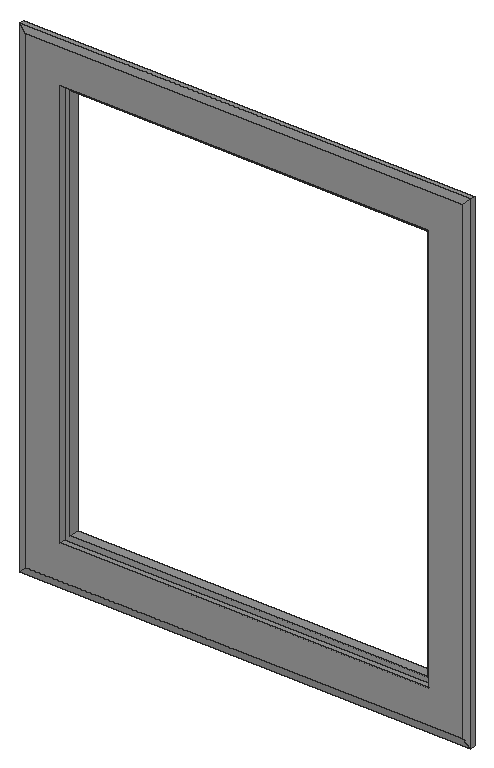
Revit family "Nested reveal", category Windows, Revit 2020
Family settings
  Work Plane-Based = Yes
  Always vertical = Yes
  Cut with Voids When Loaded = No
  Shared = No
  Room Calculation Point = No
Parameters (values of type "Architraving and reveal")
  Width [instance] = 900 mm
  Reveal on [instance] = Depth + Excess depth > 0 mm  # yes
  Override depth [instance] = if(Reveal on, Depth + Excess depth, 5 mm)  # 25 mm
  Height [instance] = 1000 mm
  Frame [instance] = Paint
  Excess depth [instance] = 0 mm
  Depth [instance] = 25 mm
  Default Elevation = 1219.2 mm
  Architrave on [instance] = yes
  Architrave offset [instance] = Depth + Excess depth  # 25 mm
Reference planes
  plane 1 "Front": y = 0
  plane 2 "Bottom": z = 0
  plane 3 "Left": x = 0
  plane 4 "Right": x = 900
  plane 5 "Top": z = 1000
  plane 6: y = -25
  plane 7: x = 13
  plane 8: y = -25
Forms (mm)
  Sweep 1, solid, material "Paint" <- "Frame", visible <- "Reveal on"
    path origin (0, 0, 0) x (1, 0, 0) y (0, 0, 1)
      loop
        line (0, 0) -> (900, 0) -> (900, 1000) -> (0, 1000) -> (0, 0)
    profile origin (0, 0, 500) x (-1, 0, 0) y (0, -1, 0)
      loop
        line (0, 0) -> (0, 25) -> (-13, 25) -> (-13, 0) -> (0, 0)
  Sweep 2, solid, material "Paint" <- "Frame", visible <- "Architrave on"
    path origin (990.161, -25, 1200) x (1, 0, 0) y (0, 0, 1)
      loop
        line (-990.161, -1200) -> (-90.161, -1200) -> (-90.161, -200) -> (-990.161, -200) -> (-990.161, -1200)
    profile "Architrave profile : Architrave profile" origin (0, -25, 500) x (-1, 0, 0) y (0, -1, 0)
      loop
        line (0, 0) -> (100, 0) -> (100, 10) -> (83.242, 14.49) -> (0, 14.49) -> (0, 0)
Dimensions and locks
  "Height": plane 5 "Top" to plane 2 "Bottom"
  "Width": plane 3 "Left" to plane 4 "Right"
  "Override depth": plane 1 "Front" to plane 6
  plane 3 "Left" to plane 4 "Right" = 900 mm
  locked: plane 3 "Left" to plane 7 at 13
  "Architrave offset": plane 8 to plane 1 "Front"
  aligned and locked: level to plane 2 "Bottom"
  aligned and locked: level to Sweep 1 sketch curve
  aligned and locked: plane 3 "Left" to Sweep 1 sketch curve  (x2)
  aligned and locked: plane 4 "Right" to Sweep 1 sketch curve
  aligned and locked: Sweep 1 sketch curve to plane 5 "Top"
  aligned and locked: plane 6 to Sweep 1 sketch curve
  aligned and locked: Sweep 1 sketch curve to plane 7
  aligned and locked: plane 1 "Front" to Sweep 1 sketch curve
  aligned and locked: Sweep 2 sketch curve to plane 3 "Left"
  aligned and locked: Sweep 2 sketch curve to plane 5 "Top"
  aligned and locked: Sweep 2 sketch curve to plane 4 "Right"
  aligned and locked: Sweep 2 sketch curve to level
